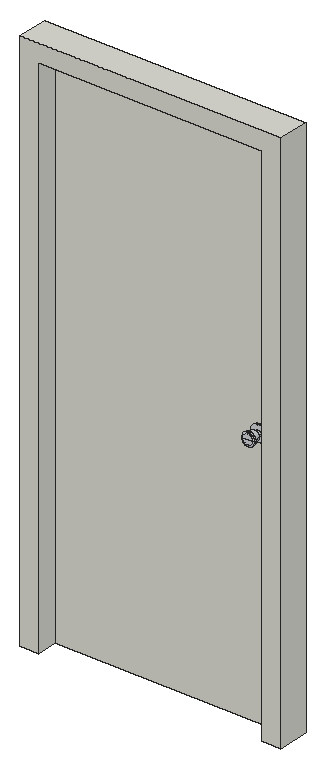
Revit family "D5_不鏽鋼門(甲種防火門)1", category 門, Revit 2014
Parameters (values of type "100 x 210 cm")
  熱阻 (R) = 0.270117 (m²·K)/W
  Visual Light Transmittance = 0
  Solar Heat Gain Coefficient = 0
  營造類型 Id = "MDOOR"
  關鍵註記 = "單開門-矩形"
  傳熱係數 (U) = 3.7021 W/(m²·K)
  功能 = 室內
  門扇材料 = none
  門扇寬度 = Width - 2 * 開門側框寬度  # 900 mm
  門扇厚度 = 40 mm
  Assembly Code = ""
  Rough Height = Height  # 2100 mm
  Rough Width = Width  # 1000 mm
  框架深度 = 120 mm
  框擋板寬度 = 門扇厚度 / 2  # 20 mm
  框總寬度 [instance] = 開門側框寬度 + 框擋板寬度  # 70 mm
  Height = 2100 mm
  牆封閉 = 依主體
  框架材料 = none
  開門側框寬度 = 50 mm
  握把五金 = none
  Width = 1000 mm
  操作 = "左單開門方向"
  解析營造 = "金屬"
Reference planes
  plane 1: y = -210
  plane 2 "中心 (左/右)": x = 0
  plane 3 "左": x = -500
  plane 4 "右": x = 500
  plane 5: z = 2100
  plane 6 "外部": y = -135
  plane 7 "內部": y = -285
  plane 8: y = 320
  plane 9: y = -740
  plane 10: z = 1050
Forms (mm)
  Sweep 1, solid, material "鋼、油漆塗層、象牙白色、霧面"
    path origin (-5000, -210, 0) x (-1, 0, 0) y (0, 0, 1)
      loop
        line (-5500, 0) -> (-5500, 2100) -> (-4500, 2100) -> (-4500, 0)
    profile origin (500, -210, 1050) x (1, 0, 0) y (0, 1, 0)
      loop
        line (0, 60) -> (-50, 60) -> (-50, 20) -> (-70, 20) -> (-70, -60) -> (0, -60) -> (0, 60)
  Extrusion 2, solid, material "鋼、油漆塗層、象牙白色、霧面"
    sketch origin (-5000, -210, 0) x (1, 0, 0) y (0, 0, 1)
      loop
        line (4550, 2050) -> (4550, 0) -> (5450, 0) -> (5450, 2050) -> (4550, 2050)
    from -60 to -20
Lines and regions (mm)
  Opening 1
    outline origin (-3050, -285, 0) x (1, 0, 0) y (0, 0, 1)
      loop
        line (2550, 0) -> (3550, 0) -> (3550, 2100) -> (2550, 2100) -> (2550, 0)
  symbolic lines, style "Doors"
    curve 1: line (-450, -150, 0) -> (-410, -150, 0)
    curve 2: line (-450, 750, 0) -> (-450, -150, 0)
    curve 3: line (-410, 750, 0) -> (-450, 750, 0)
    curve 4: line (-410, -150, 0) -> (-410, 750, 0)
  symbolic lines, style "平面圖打開方向"
    curve 5: arc (450, -150, 0) -> (200.385, 472.093, 0) -> (-410, 749.111, 0) r 900
  symbolic lines, style "DoorsFrameMullionProjection"
    curve 6: line (-450, -150, 0) -> (-500, -150, 0)
    curve 7: line (-450, -270, 0) -> (-450, -150, 0)
    curve 8: line (-500, -270, 0) -> (-450, -270, 0)
    curve 9: line (-500, -150, 0) -> (-500, -270, 0)
    curve 10: line (450, -150, 0) -> (500, -150, 0)
    curve 11: line (450, -270, 0) -> (450, -150, 0)
    curve 12: line (500, -270, 0) -> (450, -270, 0)
    curve 13: line (500, -150, 0) -> (500, -270, 0)
  symbolic lines, style "立面圖打開方向"
    curve 14: line (-500, -285, 1050) -> (500, -285, 0)
    curve 15: line (-500, -135, 1050) -> (500, -135, 2100)
Text (mm)
  text "外部" at (-2295.016, 1099.543, 0), in view "參考樓層"
  text "外部" at (0, 1615.38, 3698.081), in view "左"
  text "外部" at (0, 1036.032, 3874.932), in view "右"
Dimensions and locks
  equal spacing: plane 3 "左", plane 2 "中心 (左/右)", plane 4 "右"
  "Width": plane 3 "左" to plane 4 "右"
  "Height": plane 5 to host wall
  host wall to plane 5 = 2100 mm  (x2)
  locked: plane 6 "外部" to host wall at 0
  locked: plane 7 "內部" to host wall
  equal spacing: Sweep 1 sketch curve, host wall, Sweep 1 sketch curve
  "框架深度": Sweep 1 sketch curve to Sweep 1 sketch curve
  "門扇厚度": Sweep 1 sketch curve to Sweep 1 sketch curve
  "開門側框寬度": Sweep 1 sketch curve to Sweep 1 sketch curve
  "框擋板寬度": Sweep 1 sketch curve to Sweep 1 sketch curve
  "Width": Sweep 1 sketch curve to Sweep 1 sketch curve
  "門扇厚度": curve 2 to curve 4
  "門扇寬度": curve 3 to curve 1
  "開門側框寬度": curve 11 to Sweep 1
  "開門側框寬度": curve 9 to curve 7
  equal spacing: Sweep 1, host wall, Sweep 1  (x2)
  "框架深度": Sweep 1 to Sweep 1  (x2)
  equal spacing: curve 6, plane 1, curve 8
  "框架深度": curve 6 to curve 8
  equal spacing: curve 12, plane 1, curve 10
  "框架深度": curve 12 to curve 10
  locked: nested 2 to Sweep 1 at 75
  locked: nested 1 to Sweep 1 at 75
  equal spacing: plane 8, plane 1, plane 9
  plane 8 to plane 9 = 1060 mm
  "門扇厚度": Extrusion 2 to Extrusion 2
  equal spacing: plane 5, plane 10, level
  "門扇寬度": radius of curve 5
  aligned and locked: plane 3 "左" to Opening 1 sketch curve
  aligned and locked: plane 5 to Opening 1 sketch curve  (x2)
  aligned and locked: Opening 1 sketch curve to plane 4 "右"
  aligned and locked: Opening 1 sketch curve to level
  aligned and locked: plane 1 to host wall
  aligned and locked: Sweep 1 to Extrusion 2 sketch curve
  aligned and locked: Extrusion 2 sketch curve to Sweep 1  (x2)
  aligned and locked: level to Extrusion 2 sketch curve
  aligned and locked: Extrusion 2 to Sweep 1
  aligned and locked: nested 1 to Extrusion 2
  aligned and locked: Extrusion 2 to nested 2
  aligned and locked: plane 4 "右" to curve 15
  aligned and locked: plane 5 to curve 15
  aligned and locked: level to curve 14
  aligned and locked: plane 4 "右" to curve 14
  aligned and locked: plane 10 to curve 15
  aligned and locked: plane 3 "左" to curve 15
  aligned and locked: curve 14 to curve 15
Automatic sketch dimensions
  Sweep 1 sketch curve to plane 4 "右" = 0 mm
  Sweep 1 sketch curve to level = 0 mm  (x2)
  Sweep 1 sketch curve to plane 5 = 0 mm
  Sweep 1 sketch curve to profile plane = 0 mm
  curve 9 to plane 3 "左" = 0 mm
  curve 12 to plane 4 "右" = 0 mm
  curve 14 to plane 10 = 0 mm
Nested families
  nested 1: "喇叭鎖" at (430, -190, 0) x (-1, 0, 0) z (0, 0, 1), type "喇叭鎖"
  nested 2: "喇叭鎖" at (430, -150, 0) x (-1, 0, 0) z (0, 0, 1), type "喇叭鎖"
  nested 3: "喇叭鎖" at (365, 60, 1000), type "喇叭鎖", not visible
  nested 4: "喇叭鎖" at (365, 20, 1000), type "喇叭鎖", not visible
Definition of nested family "喇叭鎖"
  Parameters (values of type "喇叭鎖")
    Assembly Code = ""
    握把高度 = 1000 mm
    握把與版面側邊距離 = 75 mm
    握把五金 = none
  Reference planes
    plane 1 "中心 (前/後)": y = 0
    plane 2: z = 0
    plane 3 "中心 (左/右)": x = 0
    plane 4: x = 75
  Forms (mm)
    Revolve 1, solid, material <- "握把五金"
      sketch origin (511.236, -60, 1000) x (1, 0, 0) y (0, 1, 0)
        loop
          line (-436.236, 60) -> (-406.236, 60) -> (-406.236, 66) -> (-426.236, 66) -> (-426.236, 85) -> (-417.636, 85) -> (-411.236, 109.7) -> (-411.236, 113.2) -> (-415.736, 115) -> (-436.236, 115) -> (-436.236, 60)
        axis (-436.236, 60) -> (-436.236, 115)
      angle from 0 to 360
  Dimensions and locks
    "握把與版面側邊距離": plane 3 "中心 (左/右)" to plane 4
    "握把高度": Revolve 1 to level
  Automatic sketch dimensions
    plane 3 "中心 (左/右)" to Revolve 1 sketch curve = 75 mm  (x2)
    Revolve 1 sketch curve to plane 1 "中心 (前/後)" = 0 mm
    plane 3 "中心 (左/右)" to Revolve 1 sketch curve = 85 mm
    Revolve 1 sketch curve to Revolve 1 sketch curve = 8.6 mm
    plane 3 "中心 (左/右)" to Revolve 1 sketch curve = 95.5 mm
    Revolve 1 sketch curve to Revolve 1 sketch curve = 4.5 mm
    Revolve 1 sketch curve to Revolve 1 sketch curve = 20 mm
    plane 1 "中心 (前/後)" to Revolve 1 sketch curve = 60 mm
    Revolve 1 sketch curve to Revolve 1 sketch curve = 6 mm
    Revolve 1 sketch curve to Revolve 1 sketch curve = 19 mm
    Revolve 1 sketch curve to Revolve 1 sketch curve = 24.7 mm
    Revolve 1 sketch curve to Revolve 1 sketch curve = 3.5 mm
    Revolve 1 sketch curve to Revolve 1 sketch curve = 1.8 mm
    Revolve 1 sketch curve to Revolve 1 sketch curve = 200 mm
